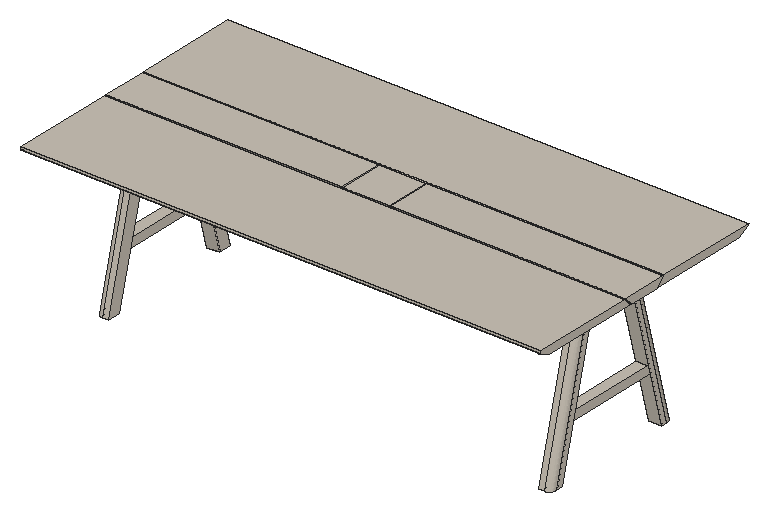
Revit family "Haworth_BuzziPicNic_StandardHeight_MeetCollaborativeTable", category Furniture, Revit 2018
Family settings
  OmniClass Number = 23.40.20.00
  OmniClass Title = General Furniture and Specialties
  Work Plane-Based = No
  Always vertical = Yes
  Cut with Voids When Loaded = No
  Shared = No
  Room Calculation Point = No
Parameters (values of type "HCBZ-PNTM-L - 47.24d 94.49w - Wood Top")
  Wood Top = yes
  Wood Finish [instance] = Haworth _ Wood _ Natural Ash BAS-NAT
  Width = 94.48828"
  Warranty = "http://www.haworth.com/resources/product-info/warranties"
  URL - Product = "https://www.haworth.com/na/en/products/collaborative-conference/buzzipicnic.html"
  URL = "http://www.haworth.com/our-brands/haworth-collection"
  Top Finish [instance] = Haworth _ Laminate _ Truffle Grey BHL-1600
  Standard Widths = "62.99in, 70.87in, 78.74in, 86.61in, 94.49in"  # constant formula
  Standard Depths = "35.43in, 39.37in, 47.24in"  # constant formula
  Small = not(or(Medium, Large))  # no
  Revision = "1"  # constant formula
  Size = "Verify Final Dim. w/ Haworth"  # constant formula
  Model = "HCBZ-PNTM-L"  # constant formula
  Min. Width = 62.98828"  # constant formula
  Min. Depth = 35.42969"  # constant formula
  Medium = no
  Max. Width = 94.48828"  # constant formula
  Max. Depth = 47.23828"  # constant formula
  Manufacturer = "Haworth"  # constant formula
  Large = yes
  Laminate Top = not(Wood Top)  # no
  Keynote = ""
  Glide Finish = Haworth _ Polymer _ Black
  Description = "Haworth BuzziPicNic Standard Height Meet Collaborative Tables - Wood Top"
  Depth = if(Small, 35.42969", if(Medium, 39.37109", 47.23828"))  # 47.23828"
  Custom Size = not(and(or(Depth = 35.42969", Depth = 39.37109", Depth = 47.23828"), or(Width = 62.98828", Width = 70.87109", Width = 78.73828", Width = 86.60938", Width = 94.48828")))  # no
  Base Finish = Haworth _ Wood _ Natural Ash BAS-NAT
  Author = "Haworth (Abd Rahman)"  # constant formula
  Assembly Code = "E2020200"
  Actual Width = if(Width > Max. Width, Max. Width, if(Width < Min. Width, Min. Width, Width))  # 94.48828"
  Actual Height = 29.53125"  # constant formula
  Actual Depth = if(Depth > Max. Depth, Max. Depth, if(Depth < Min. Depth, Min. Depth, Depth))  # 47.23828"
Types (7): name | Wood Top | Small | Medium | Large | Laminate Top | Description | Depth | Actual Depth
  (no name) | yes | no | no | yes | no | "Haworth BuzziPicNic Standard Height Meet Collaborative Tables - Wood Top" | 47.23828" | 47.23828"
  HCBZ-PNTM-L - 39.37d 94.49w - Wood Top | yes | no | yes | no | no | "Haworth BuzziPicNic Standard Height Meet Collaborative Tables - Wood Top" | 39.37109" | 39.37109"
  HCBZ-PNTM-L - 35.43d 94.49w - Wood Top | yes | yes | no | no | no | "Haworth BuzziPicNic Standard Height Meet Collaborative Tables - Wood Top" | 35.42969" | 35.42969"
  HCBZ-PNTM-L - 47.24d 94.49w - Wood Top | yes | no | no | yes | no | "Haworth BuzziPicNic Standard Height Meet Collaborative Tables - Wood Top" | 47.23828" | 47.23828"
  HCBZ-PNTM-L - 35.43d 94.49w - Laminate Top | no | yes | no | no | yes | "Haworth BuzziPicNic Standard Height Meet Collaborative Tables - Laminate Top" | 35.42969" | 35.42969"
  HCBZ-PNTM-L - 39.37d 94.49w - Laminate Top | no | no | yes | no | yes | "Haworth BuzziPicNic Standard Height Meet Collaborative Tables - Laminate Top" | 39.37109" | 39.37109"
  HCBZ-PNTM-L - 47.24d 94.49w - Laminate Top | no | no | no | yes | yes | "Haworth BuzziPicNic Standard Height Meet Collaborative Tables - Laminate Top" | 47.23828" | 47.23828"
Reference planes (in)
  plane 1 "Center Front/Back": y = 0
  plane 2: z = 0
  plane 3 "Center Left/Right": x = 20.90998
  plane 4 "Back": y = 23.61914
  plane 5 "Front": y = -23.61914
  plane 6: x = 68.15412
  plane 7: x = -26.33416
  plane 8: z = 29.53125
  plane 9: z = 0.11905
  plane 10: z = 28.3077
  plane 11: z = 25.98431
  plane 12: x = 62.24967
  plane 13: x = -20.4297
  plane 14: x = -18.14632
  plane 15: x = 59.96628
  plane 16: y = -13.77168
  plane 17: y = 13.70918
  plane 18: z = 11.1423
  plane 19: z = 9.56755
  plane 20: x = -19.32197
  plane 21: x = 61.14193
  plane 22: y = 12.51668
  plane 23: y = -12.51668
Forms (in)
  Blend 1, solid, material "Haworth _ Wood _ Natural Ash BAS-NAT" <- "Base Finish"
    base sketch origin (0, 0, 0) x (1, 0, 0) y (0, 1, 0)
      loop
        line (59.96628, -11.40775) -> (59.96628, -13.77168) -> (61.06502, -13.77168)
        arc (61.06502, -13.77168) -> (61.90269, -13.42471) -> (62.24967, -12.58704) r 1.18465
        line (62.24967, -12.58704) -> (62.24967, -11.40775) -> (59.96628, -11.40775)
    top sketch origin (0, 0, 0) x (1, 0, 0) y (0, 1, 0)
      loop
        line (59.96628, -6.22927) -> (61.06607, -6.22927)
        arc (61.06607, -6.22927) -> (61.903, -5.88261) -> (62.24967, -5.04568) r 1.18359
        line (62.24967, -5.04568) -> (62.24967, -3.86534) -> (59.96628, -3.86534) -> (59.96628, -6.22927)
    from 0.11905 to 28.3077
  Blend 2, solid, material "Haworth _ Wood _ Natural Ash BAS-NAT" <- "Base Finish"
    base sketch origin (41.81996, 0, 0) x (-1, 0, 0) y (0, -1, 0)
      loop
        line (59.96628, 11.40775) -> (62.24967, 11.40775) -> (62.24967, 12.58704)
        arc (62.24967, 12.58704) -> (61.90269, 13.42471) -> (61.06502, 13.77168) r 1.18465
        line (61.06502, 13.77168) -> (59.96628, 13.77168) -> (59.96628, 11.40775)
    top sketch origin (41.81996, 0, 0) x (-1, 0, 0) y (0, -1, 0)
      loop
        line (59.96628, 6.22927) -> (59.96628, 3.86534) -> (62.24967, 3.86534) -> (62.24967, 5.04568)
        arc (62.24967, 5.04568) -> (61.903, 5.88261) -> (61.06607, 6.22927) r 1.18359
        line (61.06607, 6.22927) -> (59.96628, 6.22927)
    from 0.11905 to 28.3077
  Blend 3, solid, material "Haworth _ Wood _ Natural Ash BAS-NAT" <- "Base Finish"
    base sketch origin (0.125, -0.0625, 0) x (1, 0, 0) y (0, 1, 0)
      loop
        line (59.84128, 11.40775) -> (62.12467, 11.40775) -> (62.12467, 12.58704)
        arc (62.12467, 12.58704) -> (61.77769, 13.42471) -> (60.94002, 13.77168) r 1.18465
        line (60.94002, 13.77168) -> (59.84128, 13.77168) -> (59.84128, 11.40775)
    top sketch origin (0.125, -0.0625, 0) x (1, 0, 0) y (0, 1, 0)
      loop
        line (59.84128, 6.22927) -> (59.84128, 3.86534) -> (62.12467, 3.86534) -> (62.12467, 5.04568)
        arc (62.12467, 5.04568) -> (61.778, 5.88261) -> (60.94107, 6.22927) r 1.18359
        line (60.94107, 6.22927) -> (59.84128, 6.22927)
    from 0.11905 to 28.3077
  Blend 4, solid, material "Haworth _ Wood _ Natural Ash BAS-NAT" <- "Base Finish"
    base sketch origin (41.81996, -0.0625, 0) x (-1, 0, 0) y (0, -1, 0)
      loop
        line (59.96628, -11.40775) -> (59.96628, -13.77168) -> (61.06502, -13.77168)
        arc (61.06502, -13.77168) -> (61.90269, -13.42471) -> (62.24967, -12.58704) r 1.18465
        line (62.24967, -12.58704) -> (62.24967, -11.40775) -> (59.96628, -11.40775)
    top sketch origin (41.81996, -0.0625, 0) x (-1, 0, 0) y (0, -1, 0)
      loop
        line (59.96628, -6.22927) -> (61.06607, -6.22927)
        arc (61.06607, -6.22927) -> (61.903, -5.88261) -> (62.24967, -5.04568) r 1.18359
        line (62.24967, -5.04568) -> (62.24967, -3.86534) -> (59.96628, -3.86534) -> (59.96628, -6.22927)
    from 0.11905 to 28.3077
  Blend 5, solid, material "Haworth _ Wood _ Natural Ash BAS-NAT" <- "Base Finish"
    base sketch origin (0, 0, 0) x (1, 0, 0) y (0, 1, 0)
      loop
        line (62.12467, 8.81353) -> (60.09128, 8.81353) -> (60.09128, -8.87603) -> (62.12467, -8.87603) -> (62.12467, 8.81353)
    top sketch origin (0, 0, 0) x (1, 0, 0) y (0, 1, 0)
      loop
        line (62.12467, -8.45408) -> (62.12467, 8.39158) -> (60.09128, 8.39158) -> (60.09128, -8.45408) -> (62.12467, -8.45408)
    from 9.56755 to 11.1423
  Blend 6, solid, material "Haworth _ Wood _ Natural Ash BAS-NAT" <- "Base Finish"
    base sketch origin (41.81996, 0, 0) x (-1, 0, 0) y (0, -1, 0)
      loop
        line (62.12467, -8.81353) -> (62.12467, 8.87603) -> (60.09128, 8.87603) -> (60.09128, -8.81353) -> (62.12467, -8.81353)
    top sketch origin (41.81996, 0, 0) x (-1, 0, 0) y (0, -1, 0)
      loop
        line (62.12467, 8.45408) -> (60.09128, 8.45408) -> (60.09128, -8.39158) -> (62.12467, -8.39158) -> (62.12467, 8.45408)
    from 9.56755 to 11.1423
  Blend 7, solid, material "Haworth _ Wood _ Natural Ash BAS-NAT" <- "Base Finish"
    base sketch origin (0, 0, 0) x (1, 0, 0) y (0, 1, 0)
      loop
        line (-18.14632, -6.71611) -> (59.96628, -6.71611) -> (59.96628, -4.60217) -> (-18.14632, -4.60217) -> (-18.14632, -6.71611)
    top sketch origin (0, 0, 0) x (1, 0, 0) y (0, 1, 0)
      loop
        line (59.96628, -6.10427) -> (59.96628, -4.60217) -> (-18.14632, -4.60217) -> (-18.14632, -6.10427) -> (59.96628, -6.10427)
    from 25.98431 to 28.3077
  Blend 8, solid, material "Haworth _ Wood _ Natural Ash BAS-NAT" <- "Base Finish"
    base sketch origin (0, 0, 0) x (1, 0, 0) y (0, 1, 0)
      loop
        line (-18.14632, 6.71611) -> (-18.14632, 4.60217) -> (59.96628, 4.60217) -> (59.96628, 6.71611) -> (-18.14632, 6.71611)
    top sketch origin (0, 0, 0) x (1, 0, 0) y (0, 1, 0)
      loop
        line (59.96628, 6.10427) -> (-18.14632, 6.10427) -> (-18.14632, 4.60217) -> (59.96628, 4.60217) -> (59.96628, 6.10427)
    from 25.98431 to 28.3077
  Blend 9, solid, material "Haworth _ Wood _ Natural Ash BAS-NAT" <- "Base Finish"
    base sketch origin (0, 0, 0) x (1, 0, 0) y (0, 1, 0)
      loop
        line (60.09128, 4.41467) -> (60.09128, -4.47717) -> (62.12467, -4.47717) -> (62.12467, 4.41467) -> (60.09128, 4.41467)
    top sketch origin (0, 0, 0) x (1, 0, 0) y (0, 1, 0)
      loop
        line (62.12467, -3.86534) -> (62.12467, 3.80284) -> (60.09128, 3.80284) -> (60.09128, -3.86534) -> (62.12467, -3.86534)
    from 25.98431 to 28.3077
  Blend 10, solid, material "Haworth _ Wood _ Natural Ash BAS-NAT" <- "Base Finish"
    base sketch origin (41.81996, 0, 0) x (-1, 0, 0) y (0, -1, 0)
      loop
        line (60.09128, -4.41467) -> (62.12467, -4.41467) -> (62.12467, 4.47717) -> (60.09128, 4.47717) -> (60.09128, -4.41467)
    top sketch origin (41.81996, 0, 0) x (-1, 0, 0) y (0, -1, 0)
      loop
        line (62.12467, 3.86534) -> (60.09128, 3.86534) -> (60.09128, -3.80284) -> (62.12467, -3.80284) -> (62.12467, 3.86534)
    from 25.98431 to 28.3077
  Extrusion 11, solid, material "Haworth _ Polymer _ Black" <- "Glide Finish"
    sketch origin (0, 0, 0) x (1, 0, 0) y (0, 1, 0)
      loop
        circle (-19.32197, 12.51668) r 0.93529
      loop
        circle (-19.32197, -12.51668) r 0.93529
      loop
        circle (61.14193, 12.51668) r 0.93529
      loop
        circle (61.14193, -12.51668) r 0.93529
    from 0 to 0.11905
Cuts and joins
  joined: Blend 1, Blend 2, Blend 3, Blend 4, Blend 5, Blend 6, Blend 7, Blend 8, Blend 9, Blend 10
Dimensions and locks (in)
  equal spacing: plane 4 "Back", plane 1 "Center Front/Back", plane 5 "Front"
  "Actual Depth": plane 4 "Back" to plane 5 "Front"
  equal spacing: plane 7, plane 3 "Center Left/Right", plane 6
  "Actual Width": plane 7 to plane 6
  "Actual Height": plane 8 to plane 2
  plane 7 to plane 13 to plane 14 = 5.90445" locked, 2.28339" locked
  plane 15 to plane 12 to plane 6 = 2.28339" locked, 5.90445" locked
  locked: plane 16 to Blend 5 at 4.89565
  locked: Blend 5 to plane 17 at 4.89565
  locked: Blend 6 to plane 17 at 4.89565
  locked: plane 16 to Blend 6 at 4.89565
  plane 8 to plane 10 to plane 11 = 1.22355" locked, 2.32339" locked
  Blend 7 sketch curve to Blend 7 sketch curve to plane 16 = 2.11394" locked, 7.05558" locked
  Blend 7 sketch curve to Blend 7 sketch curve to plane 16 = 1.5021" locked, 7.66741" locked
  plane 17 to Blend 8 sketch curve to Blend 8 sketch curve = 6.99308" locked, 2.11394" locked
  plane 17 to Blend 8 sketch curve to Blend 8 sketch curve = 7.60491" locked, 1.5021" locked
  Blend 9 sketch curve to nested 1 to Blend 9 sketch curve = 4.47717" locked, 4.41467" locked
  Blend 9 sketch curve to Blend 9 sketch curve to plane 6 = 2.03339" locked, 6.02945" locked
  plane 7 to Blend 10 sketch curve to Blend 10 sketch curve = 6.02945" locked, 2.03339" locked
  Blend 10 sketch curve to plane 1 "Center Front/Back" to Blend 10 sketch curve = 4.41467" locked, 4.47717" locked
  Blend 5 sketch curve to Blend 5 sketch curve to plane 6 = 2.03339" locked, 6.02945" locked  (x2)
  Blend 5 sketch curve to plane 1 "Center Front/Back" to Blend 5 sketch curve = 8.81353" locked, 8.87603" locked
  Blend 5 sketch curve to plane 1 "Center Front/Back" to Blend 5 sketch curve = 8.45408" locked, 8.39158" locked
  plane 2 to plane 19 to plane 18 = 9.56755" locked, 1.57475" locked
  locked: plane 7 to plane 20 at 7.01219
  locked: plane 21 to plane 6 at 7.01219
  locked: plane 23 to plane 16 at 1.255
  locked: plane 22 to plane 17 at 1.1925
  aligned and locked: level to plane 2
  aligned and locked: Blend 1 to plane 10
  aligned and locked: plane 9 to Blend 1
  aligned and locked: Blend 7 to plane 10
  aligned and locked: plane 11 to Blend 7
  aligned and locked: Blend 4 to plane 13
  aligned and locked: Blend 2 to plane 13
  aligned and locked: Blend 2 to plane 14
  aligned and locked: Blend 4 to plane 14
  aligned and locked: Blend 1 to plane 12
  aligned and locked: Blend 3 to plane 12
  aligned and locked: plane 15 to Blend 3
  aligned and locked: plane 15 to Blend 1
  aligned and locked: plane 17 to Blend 4
  aligned and locked: plane 17 to Blend 3
  aligned and locked: Blend 1 to plane 16
  aligned and locked: Blend 2 to plane 16
  aligned and locked: plane 7 to nested 1
  aligned and locked: plane 4 "Back" to nested 1
  aligned and locked: Extrusion 11 to plane 9
  aligned and locked: plane 11 to cut or joined group of Blend 1, Blend 2, Blend 3, Blend 4, Blend 5, Blend 6, Blend 7, Blend 8, Blend 9, Blend 10  (x4)
  aligned and locked: cut or joined group of Blend 1, Blend 2, Blend 3, Blend 4, Blend 5, Blend 6, Blend 7, Blend 8, Blend 9, Blend 10 to plane 10  (x6)
  aligned and locked: cut or joined group of Blend 1, Blend 2, Blend 3, Blend 4, Blend 5, Blend 6, Blend 7, Blend 8, Blend 9, Blend 10 to plane 11  (x2)
  aligned and locked: plane 10 to nested 1
  aligned and locked: plane 10 to cut or joined group of Blend 1, Blend 2, Blend 3, Blend 4, Blend 5, Blend 6, Blend 7, Blend 8, Blend 9, Blend 10  (x2)
  aligned and locked: plane 14 to cut or joined group of Blend 1, Blend 2, Blend 3, Blend 4, Blend 5, Blend 6, Blend 7, Blend 8, Blend 9, Blend 10
  aligned and locked: cut or joined group of Blend 1, Blend 2, Blend 3, Blend 4, Blend 5, Blend 6, Blend 7, Blend 8, Blend 9, Blend 10 to plane 15
  aligned and locked: Blend 7 sketch curve to plane 14  (x2)
  aligned and locked: plane 15 to Blend 7 sketch curve  (x2)
  aligned and locked: plane 14 to Blend 8 sketch curve  (x2)
  aligned and locked: Blend 8 sketch curve to plane 15  (x2)
  aligned and locked: cut or joined group of Blend 1, Blend 2, Blend 3, Blend 4, Blend 5, Blend 6, Blend 7, Blend 8, Blend 9, Blend 10 to plane 18  (x2)
  aligned and locked: plane 19 to cut or joined group of Blend 1, Blend 2, Blend 3, Blend 4, Blend 5, Blend 6, Blend 7, Blend 8, Blend 9, Blend 10  (x2)
  aligned and locked: plane 9 to Blend 2
  aligned and locked: plane 20 to Extrusion 11 sketch curve  (x2)
  aligned and locked: plane 21 to Extrusion 11 sketch curve  (x2)
  aligned and locked: plane 23 to Extrusion 11 sketch curve  (x2)
  aligned and locked: plane 22 to Extrusion 11 sketch curve  (x2)
  aligned and locked: plane 9 to cut or joined group of Blend 1, Blend 2, Blend 3, Blend 4, Blend 5, Blend 6, Blend 7, Blend 8, Blend 9, Blend 10  (x2)
Automatic sketch dimensions
  Blend 1 sketch curve to plane 5 "Front" = 9.84746"
  plane 6 to Blend 1 sketch curve = 8.18784"  (x2)
  Blend 1 sketch curve to Blend 1 sketch curve = 1.09874"
  Blend 1 sketch curve to Blend 1 sketch curve = 1.18465"
  Blend 1 sketch curve to Blend 1 sketch curve = 1.17929"
  Blend 1 sketch curve to Blend 1 sketch curve = 1.09979"
  Blend 1 sketch curve to Blend 1 sketch curve = 1.18359"
  plane 1 "Center Front/Back" to Blend 1 sketch curve = 6.22927"
  Blend 1 sketch curve to Blend 1 sketch curve = 1.18034"
  plane 5 "Front" to Blend 2 sketch curve = 9.84746"
  plane 7 to Blend 2 sketch curve = 8.18784"  (x2)
  Blend 2 sketch curve to Blend 2 sketch curve = 1.09874"
  Blend 2 sketch curve to Blend 2 sketch curve = 1.18465"
  Blend 2 sketch curve to Blend 2 sketch curve = 1.17929"
  Blend 2 sketch curve to Blend 2 sketch curve = 1.09979"
  Blend 2 sketch curve to Blend 2 sketch curve = 1.18359"
  Blend 2 sketch curve to plane 1 "Center Front/Back" = 6.22927"
  Blend 2 sketch curve to Blend 2 sketch curve = 1.18034"
  plane 4 "Back" to Blend 3 sketch curve = 9.90996"
  Blend 3 sketch curve to plane 6 = 8.18784"  (x2)
  Blend 3 sketch curve to Blend 3 sketch curve = 1.09874"
  Blend 3 sketch curve to Blend 3 sketch curve = 1.18465"
  Blend 3 sketch curve to Blend 3 sketch curve = 1.17929"
  Blend 3 sketch curve to Blend 3 sketch curve = 1.09979"
  Blend 3 sketch curve to Blend 3 sketch curve = 1.18359"
  plane 1 "Center Front/Back" to Blend 3 sketch curve = 6.16677"
  Blend 3 sketch curve to Blend 3 sketch curve = 1.18034"
  Blend 4 sketch curve to plane 4 "Back" = 9.90996"
  Blend 4 sketch curve to plane 7 = 8.18784"  (x2)
  Blend 4 sketch curve to Blend 4 sketch curve = 1.09874"
  Blend 4 sketch curve to Blend 4 sketch curve = 1.18465"
  Blend 4 sketch curve to Blend 4 sketch curve = 1.17929"
  Blend 4 sketch curve to Blend 4 sketch curve = 1.09979"
  Blend 4 sketch curve to Blend 4 sketch curve = 1.18359"
  Blend 4 sketch curve to plane 1 "Center Front/Back" = 6.16677"
  Blend 4 sketch curve to Blend 4 sketch curve = 1.18034"
  plane 7 to Blend 6 sketch curve = 8.06284"  (x2)
  Blend 6 sketch curve to Blend 6 sketch curve = 2.03339"  (x2)
  plane 5 "Front" to Blend 6 sketch curve = 14.74311"
  plane 1 "Center Front/Back" to Blend 6 sketch curve = 8.81353"
  Blend 6 sketch curve to plane 1 "Center Front/Back" = 8.45408"
  plane 1 "Center Front/Back" to Blend 6 sketch curve = 8.39158"
  plane 1 "Center Front/Back" to Blend 9 sketch curve = 3.86534"
  plane 6 to Blend 9 sketch curve = 8.06284"
  Blend 9 sketch curve to Blend 9 sketch curve = 2.03339"
  Blend 9 sketch curve to plane 1 "Center Front/Back" = 3.80284"
  Blend 10 sketch curve to plane 1 "Center Front/Back" = 3.86534"
  plane 7 to Blend 10 sketch curve = 8.06284"
  Blend 10 sketch curve to Blend 10 sketch curve = 2.03339"
  plane 1 "Center Front/Back" to Blend 10 sketch curve = 3.80284"
  radius of Extrusion 11 sketch curve = 0.93529"  (x4)
Nested families (in)
  nested 1: "Haworth_BuzziPicNic_MeetCollaborativeTable_TOP" at (0, 0, 0.15625), type "TOP - PART"
    with Laminate Top no, Actual Depth 47.23828"
Definition of nested family "Haworth_BuzziPicNic_MeetCollaborativeTable_TOP"
  Parameters (values of type "TOP - PART")
    Wood Top = yes
    Wood Finish = none
    Warranty = "http://www.haworth.com/resources/product-info/warranties"
    URL - Product = "https://www.haworth.com/products/tables/collaborative/buzzipicnic"
    URL = "http://www.haworth.com/our-brands/haworth-collection"
    Top Finish = none
    Revision = "1"  # constant formula
    Size = "Verify Final Dim. w/ Haworth"  # constant formula
    Model = "BuzziPicNic Table"
    Manufacturer = "Haworth"  # constant formula
    Laminate Top = yes
    Keynote = ""
    Glide Finish = none
    Description = "Haworth BuzziPicNic - Standard Height Meet Collaborative Tables - Top"
    Author = "Haworth (Abd Rahman)"  # constant formula
    Assembly Code = "E2020200"
    Actual Width = 94.48828"
    Actual Height = 29.53125"  # constant formula
    Actual Depth = 35.42969"
  Reference planes (in)
    plane 1 "Center Front/Back": y = 0
    plane 2: z = 0
    plane 3 "Center Left/Right": x = 20.90998
    plane 4 "Back": y = 17.71484
    plane 5 "Front": y = -17.71484
    plane 6: x = 68.15412
    plane 7: x = -26.33416
    plane 8: z = 29.53125
    plane 9: z = 27.90039
    plane 10: z = 28.15145
    plane 11: z = 28.02445
    plane 12: z = 29.12664
  Forms (in)
    Blend 1, solid, material <- "Wood Finish", visible <- "Wood Top"
      base sketch origin (0, 0, 0) x (1, 0, 0) y (0, 1, 0)
        loop
          line (-26.33416, -17.71484) -> (68.15412, -17.71484) -> (68.15412, -3.34686) -> (-26.33416, -3.34686) -> (-26.33416, -17.71484)
      top sketch origin (0, 0, 0) x (1, 0, 0) y (0, 1, 0)
        loop
          line (68.15412, -17.71484) -> (68.15412, -4.52792) -> (-26.33416, -4.52792) -> (-26.33416, -17.71484) -> (68.15412, -17.71484)
      from 28.15145 to 29.53125
    Blend 2, solid, material <- "Wood Finish", visible <- "Wood Top"
      base sketch origin (0, 0, 0) x (1, 0, 0) y (0, 1, 0)
        loop
          line (68.15412, -2.75633) -> (68.15412, 2.75529) -> (-26.33416, 2.75529) -> (-26.33416, -2.75633) -> (68.15412, -2.75633)
      top sketch origin (0, 0, 0) x (1, 0, 0) y (0, 1, 0)
        loop
          line (68.15412, -4.13424) -> (68.15412, 4.1332) -> (-26.33416, 4.1332) -> (-26.33416, -4.13424) -> (68.15412, -4.13424)
      from 28.15145 to 29.53125
    Blend 3, solid, material <- "Wood Finish", visible <- "Wood Top"
      base sketch origin (0, 0, 0) x (1, 0, 0) y (0, 1, 0)
        loop
          line (-26.33416, 17.71484) -> (-26.33416, 3.34686) -> (68.15412, 3.34686) -> (68.15412, 17.71484) -> (-26.33416, 17.71484)
      top sketch origin (0, 0, 0) x (1, 0, 0) y (0, 1, 0)
        loop
          line (68.15412, 17.71484) -> (-26.33416, 17.71484) -> (-26.33416, 4.52792) -> (68.15412, 4.52792) -> (68.15412, 17.71484)
      from 28.15145 to 29.53125
    Extrusion 4, void
      sketch origin (20.90998, 0, 0) x (0, 1, 0) y (0, 0, 1)
        loop
          line (17.69103, 29.12408) -> (15.5492, 28.15052) -> (15.5492, 28.02445) -> (17.78197, 28.02445) -> (17.78197, 29.16049) -> (17.71484, 29.16049)
          arc (17.71484, 29.16049) -> (17.70822, 29.13883) -> (17.69103, 29.12408) r 0.04062
      from -48.9371 to 49.48258
    Extrusion 5, void
      sketch origin (20.90998, 0, 0) x (0, -1, 0) y (0, 0, -1)
        loop
          arc (17.69103, -29.12408) -> (17.70822, -29.13883) -> (17.71484, -29.16049) r 0.04062
          line (17.71484, -29.16049) -> (17.78197, -29.16049) -> (17.78197, -28.02445) -> (15.5492, -28.02445) -> (15.5492, -28.15052) -> (17.69103, -29.12408)
      from -48.9371 to 49.48258
    Extrusion 6, solid, material <- "Glide Finish", visible <- "Wood Top"
      sketch origin (0, 0, 0) x (1, 0, 0) y (0, 1, 0)
        loop
          line (-17.88128, 14.5492) -> (-17.88128, -14.55024) -> (-15.88128, -14.55024) -> (-15.88128, 14.5492) -> (-17.88128, 14.5492)
        loop
          line (7.31243, 14.5492) -> (7.31243, -14.55024) -> (9.31243, -14.55024) -> (9.31243, 14.5492) -> (7.31243, 14.5492)
        loop
          line (59.70124, 14.5492) -> (57.70124, 14.5492) -> (57.70124, -14.55024) -> (59.70124, -14.55024) -> (59.70124, 14.5492)
        loop
          line (34.50753, 14.5492) -> (32.50753, 14.5492) -> (32.50753, -14.55024) -> (34.50753, -14.55024) -> (34.50753, 14.5492)
      from 28.02445 to 28.15145
    Extrusion 7, solid, material <- "Glide Finish", visible <- "Wood Top"
      sketch origin (0, 0, 0) x (1, 0, 0) y (0, 1, 0)
        loop
          circle (-16.88175, 13.55098) r 0.1827
        loop
          circle (-16.88175, -13.55098) r 0.1827
        loop
          circle (8.31243, 13.55098) r 0.1827
        loop
          circle (8.31243, -13.55098) r 0.1827
        loop
          circle (58.70172, 13.55098) r 0.1827
        loop
          circle (58.70172, -13.55098) r 0.1827
        loop
          circle (33.50753, 13.55098) r 0.1827
        loop
          circle (33.50753, -13.55098) r 0.1827
      from 27.90039 to 28.02445
    Extrusion 8, void
      sketch origin (0, 0, 0) x (1, 0, 0) y (0, 1, 0)
        loop
          line (16.61872, -4.13424) -> (16.61872, 4.1332) -> (16.57872, 4.1332) -> (16.57872, -4.13424) -> (16.61872, -4.13424)
        loop
          line (25.20124, -4.13424) -> (25.24124, -4.13424) -> (25.24124, 4.1332) -> (25.20124, 4.1332) -> (25.20124, -4.13424)
      from 26.81133 to 33.44845
    Extrusion 9, solid, material <- "Top Finish", visible <- "Laminate Top"
      sketch origin (0, 0, 0) x (1, 0, 0) y (0, 1, 0)
        loop
          line (-26.33416, 17.71484) -> (-26.33416, -17.71484) -> (68.15412, -17.71484) -> (68.15412, 17.71484) -> (-26.33416, 17.71484)
      from 28.15145 to 29.12664
    Extrusion 10, void
      sketch origin (0, 0, 0) x (1, 0, 0) y (0, 1, 0)
        loop
          line (26.81529, 2.36212) -> (15.00467, 2.36212) -> (15.00467, -2.36212) -> (26.81529, -2.36212) -> (26.81529, 2.36212)
      from 23.92626 to 32.63711
  Cuts and joins
    Extrusion 4, Extrusion 5 cuts Blend 3
    Extrusion 5 cuts Blend 1
    Extrusion 8 cuts Blend 2
    Extrusion 10 cuts Extrusion 9
  Lines and regions (in)
    Masking region 1, visible <- "Laminate Top"
      outline origin (0, 0, 0) x (1, 0, 0) y (0, 1, 0)
        loop
          line (-26.33416, 17.71484) -> (-26.33416, -17.71484) -> (68.15412, -17.71484) -> (68.15412, 17.71484) -> (-26.33416, 17.71484)
        loop
          line (26.81529, 2.36212) -> (15.00467, 2.36212) -> (15.00467, -2.36212) -> (26.81529, -2.36212) -> (26.81529, 2.36212)
    Masking region 2, visible <- "Wood Top"
      outline origin (0, 0, 0) x (1, 0, 0) y (0, 1, 0)
        loop
          line (68.15412, -17.71484) -> (68.15412, -11.67521) -> (-26.33416, -11.67521) -> (-26.33416, -17.71484) -> (68.15412, -17.71484)
        loop
          line (-26.33416, 17.71484) -> (-26.33416, 11.67521) -> (68.15412, 11.67521) -> (68.15412, 17.71484) -> (-26.33416, 17.71484)
        loop
          line (-26.33416, -11.51788) -> (68.15412, -11.51788) -> (68.15412, -4.57092) -> (-26.33416, -4.57092) -> (-26.33416, -11.51788)
        loop
          line (-26.33416, 4.52792) -> (-26.33416, -4.52792) -> (68.15412, -4.52792) -> (68.15412, 4.52792) -> (-26.33416, 4.52792)
        loop
          line (-26.33416, 4.57092) -> (68.15412, 4.57092) -> (68.15412, 11.51788) -> (-26.33416, 11.51788) -> (-26.33416, 4.57092)
        loop
          line (25.20124, 4.1332) -> (16.61872, 4.1332) -> (16.61872, -4.13424) -> (25.20124, -4.13424) -> (25.20124, 4.1332)
  Dimensions and locks (in)
    equal spacing: plane 4 "Back", plane 1 "Center Front/Back", plane 5 "Front"
    "Actual Depth": plane 4 "Back" to plane 5 "Front"
    equal spacing: plane 7, plane 3 "Center Left/Right", plane 6
    "Actual Width": plane 7 to plane 6
    "Actual Height": plane 8 to plane 2
    aligned and locked: level to plane 2
    aligned and locked: plane 8 to Blend 1
    aligned and locked: plane 10 to Blend 1
    aligned and locked: plane 8 to Blend 2
    aligned and locked: plane 10 to Blend 2
    aligned and locked: Extrusion 6 to plane 10
    aligned and locked: plane 11 to Extrusion 6
    aligned and locked: Extrusion 7 to plane 11
    aligned and locked: plane 9 to Extrusion 7
    aligned and locked: plane 7 to cut or joined group of Blend 3, Extrusion 4, Extrusion 5
    aligned and locked: plane 7 to cut or joined group of Blend 2, Extrusion 8
    aligned and locked: plane 7 to cut or joined group of Blend 1, Extrusion 5
    aligned and locked: plane 5 "Front" to cut or joined group of Blend 1, Extrusion 5
    aligned and locked: plane 4 "Back" to cut or joined group of Blend 3, Extrusion 4, Extrusion 5
    aligned and locked: cut or joined group of Blend 3, Extrusion 4, Extrusion 5 to plane 6
    aligned and locked: cut or joined group of Blend 2, Extrusion 8 to plane 6
    aligned and locked: cut or joined group of Blend 1, Extrusion 5 to plane 6
    aligned and locked: plane 6 to Extrusion 9 sketch curve
    aligned and locked: Extrusion 9 sketch curve to plane 4 "Back"
    aligned and locked: Extrusion 9 sketch curve to plane 7
    aligned and locked: Extrusion 9 sketch curve to plane 5 "Front"
    aligned and locked: cut or joined group of Extrusion 9, Extrusion 10 to plane 12
    aligned and locked: plane 10 to cut or joined group of Extrusion 9, Extrusion 10
    aligned and locked: plane 6 to Masking region 1 sketch curve
    aligned and locked: Masking region 1 sketch curve to plane 4 "Back"
    aligned and locked: Masking region 1 sketch curve to plane 7
    aligned and locked: Masking region 1 sketch curve to plane 5 "Front"
    aligned and locked: Masking region 1 sketch curve to cut or joined group of Extrusion 9, Extrusion 10  (x4)
    aligned and locked: Masking region 2 sketch curve to plane 7
    aligned and locked: Masking region 2 sketch curve to plane 4 "Back"
    aligned and locked: plane 6 to Masking region 2 sketch curve
    aligned and locked: Masking region 2 sketch curve to plane 5 "Front"
  Automatic sketch dimensions
    Blend 1 sketch curve to plane 7 = 0"  (x2)
    Blend 1 sketch curve to plane 6 = 0"  (x2)
    plane 5 "Front" to Blend 1 sketch curve = 0"  (x2)
    plane 1 "Center Front/Back" to Blend 1 sketch curve = 3.34686"
    plane 1 "Center Front/Back" to Blend 1 sketch curve = 4.52792"
    Blend 2 sketch curve to plane 7 = 0"  (x2)
    Blend 2 sketch curve to plane 6 = 0"  (x2)
    plane 1 "Center Front/Back" to Blend 2 sketch curve = 2.75633"
    Blend 2 sketch curve to plane 1 "Center Front/Back" = 2.75529"
    plane 1 "Center Front/Back" to Blend 2 sketch curve = 4.13424"
    Blend 2 sketch curve to plane 1 "Center Front/Back" = 4.1332"
    Blend 3 sketch curve to plane 7 = 0"  (x2)
    Blend 3 sketch curve to plane 6 = 0"  (x2)
    Blend 3 sketch curve to plane 4 "Back" = 0"  (x2)
    plane 1 "Center Front/Back" to Blend 3 sketch curve = 3.34686"
    plane 1 "Center Front/Back" to Blend 3 sketch curve = 4.52792"
    plane 11 to Extrusion 4 sketch curve = 0"
    Extrusion 4 sketch curve to plane 4 "Back" = 0"
    plane 12 to Extrusion 4 sketch curve = 0.00257"
    Extrusion 4 sketch curve to plane 4 "Back" = 0.02381"
    Extrusion 4 sketch curve to plane 12 = 0.03442"
    Extrusion 4 sketch curve to Extrusion 4 sketch curve = 0.04062"
    Extrusion 4 sketch curve to plane 4 "Back" = 2.16564"
    plane 4 "Back" to Extrusion 4 sketch curve = 0.06712"
    plane 10 to Extrusion 4 sketch curve = 0.00094"
    plane 11 to Extrusion 5 sketch curve = 0"
    Extrusion 5 sketch curve to plane 5 "Front" = 0"
    Extrusion 5 sketch curve to plane 12 = 0.00257"
    plane 5 "Front" to Extrusion 5 sketch curve = 0.02381"
    plane 12 to Extrusion 5 sketch curve = 0.03442"
    Extrusion 5 sketch curve to Extrusion 5 sketch curve = 0.04062"
    plane 5 "Front" to Extrusion 5 sketch curve = 2.16564"
    Extrusion 5 sketch curve to plane 5 "Front" = 0.06712"
    Extrusion 5 sketch curve to plane 10 = 0.00094"
    Extrusion 6 sketch curve to plane 5 "Front" = 3.16461"  (x4)
    Extrusion 6 sketch curve to plane 7 = 8.45288"
    Extrusion 6 sketch curve to Extrusion 6 sketch curve = 2"  (x4)
    Extrusion 6 sketch curve to plane 4 "Back" = 3.16564"  (x4)
    Extrusion 6 sketch curve to plane 3 "Center Left/Right" = 13.59755"
    plane 3 "Center Left/Right" to Extrusion 6 sketch curve = 11.59755"
    plane 6 to Extrusion 6 sketch curve = 10.45288"
    Extrusion 7 sketch curve to plane 5 "Front" = 4.16387"  (x4)
    Extrusion 7 sketch curve to plane 7 = 9.45241"  (x2)
    Extrusion 7 sketch curve to plane 4 "Back" = 4.16387"  (x4)
    Extrusion 7 sketch curve to plane 3 "Center Left/Right" = 12.59755"  (x2)
    plane 3 "Center Left/Right" to Extrusion 7 sketch curve = 12.59755"  (x2)
    plane 6 to Extrusion 7 sketch curve = 9.45241"  (x2)
    Extrusion 8 sketch curve to plane 3 "Center Left/Right" = 4.33126"
    Extrusion 8 sketch curve to Extrusion 8 sketch curve = 0.04"  (x2)
    plane 3 "Center Left/Right" to Extrusion 8 sketch curve = 4.29126"
    plane 1 "Center Front/Back" to Extrusion 8 sketch curve = 4.13424"  (x2)
    Extrusion 8 sketch curve to plane 1 "Center Front/Back" = 4.1332"  (x2)
    plane 1 "Center Front/Back" to Extrusion 10 sketch curve = 2.36212"
    plane 3 "Center Left/Right" to Extrusion 10 sketch curve = 5.90531"
    Extrusion 10 sketch curve to plane 3 "Center Left/Right" = 5.90531"
    Extrusion 10 sketch curve to plane 1 "Center Front/Back" = 2.36212"
    Masking region 2 sketch curve to plane 7 = 0"  (x4)
    Masking region 2 sketch curve to plane 6 = 0"  (x4)
    Masking region 2 sketch curve to plane 3 "Center Left/Right" = 4.29126"
    plane 3 "Center Left/Right" to Masking region 2 sketch curve = 4.29126"
    Masking region 2 sketch curve to Masking region 2 sketch curve = 6.03963"
    Masking region 2 sketch curve to Masking region 2 sketch curve = 0.15733"  (x2)
    plane 1 "Center Front/Back" to Masking region 2 sketch curve = 4.57092"
    Masking region 2 sketch curve to Masking region 2 sketch curve = 0.04299"
    plane 1 "Center Front/Back" to Masking region 2 sketch curve = 4.13424"
    Masking region 2 sketch curve to plane 1 "Center Front/Back" = 4.1332"
    Masking region 2 sketch curve to plane 1 "Center Front/Back" = 4.52792"
    Masking region 2 sketch curve to Masking region 2 sketch curve = 0.043"
    Masking region 2 sketch curve to plane 4 "Back" = 6.19696"
    radius of Extrusion 7 sketch curve = 0.1827"  (x8)
